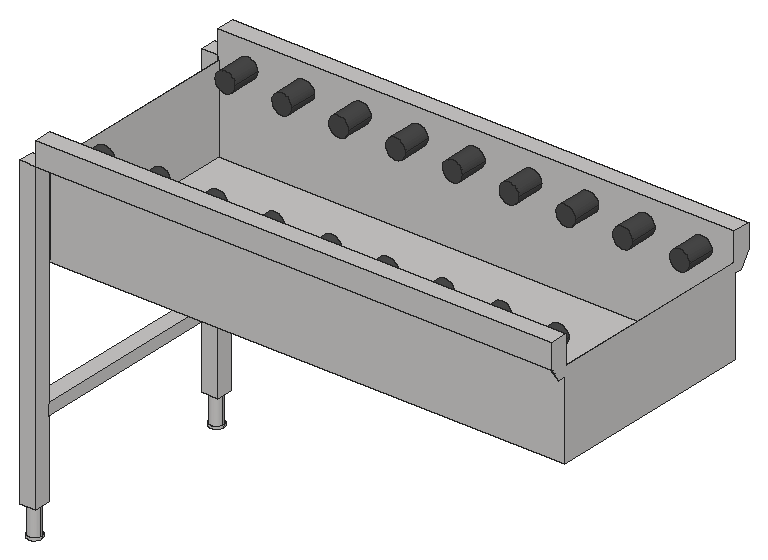
Revit family "QF_ELECTROLUXPROFESSIONAL_863068_HSSRDB13", category Specialty Equipment, Revit 2018
Family settings
  Round Connector Dimension = Use Diameter
  Part Type = Normal
  Work Plane-Based = No
  Always vertical = Yes
  Cut with Voids When Loaded = No
  Shared = No
  Room Calculation Point = No
Parameters
  Weight = 0.00 kg
  Watts = 0 W
  Volts = 0 V
  URL Manufacturer = "http://professional.electrolux.com/"
  URL = "http://professional.electrolux.com/"
  Steam Supply Size = 0 mm
  Steam Supply Minimum Pressure = 0.0 Pa
  Steam Supply Maximum Pressure = 0.0 Pa
  Steam Pounds per Hour = 0
  Refrigeration Suction Line Size = 0 mm
  Refrigeration Liquid Line Size = 0 mm
  Refrigerant Compressor Remote = yes
  Manufacturer = "Electrolux"
  Phase = 0
  Model = "HSSRDB13"
  Length Actual = 1300 mm  # constant formula
  Item Number = "863068"
  Hot Water Size = 0 mm
  Height Actual = 910 mm  # constant formula
  HP = "0 HP"
  Gas Size = 0 mm
  Gas KW = 0
  Gas Input Pressure = 0 W
  Description = "SHORT ROLLER CONVEYOR WITH DEEP BASIN,  L=1300 MM"
  Depth Actual = 620 mm  # constant formula
  Cycle = 0 Hz
  Condensate Return Size = 0 mm
  Compressed Air Volume = 0.0 L/s
  Compressed Air Size = 0 mm
  Compressed Air Pressure = 0.0 Pa
  Cold Water Size = 0 mm
  Accessory = yes
Reference planes
  plane 1 "Centro (Fronte/Retro)": y = 74.737
  plane 2: z = 0
  plane 3 "LEFT": x = -1038.761
  plane 4 "BACK": y = 384.737
  plane 5 "FRONT": y = -235.263
  plane 6: z = 910
  plane 7 "RIGHT": x = 261.239
  plane 8: x = -388.761
Forms (mm)
  Extrusion 1, solid, material "QF_Finishes_Stainless Steel"
    sketch origin (0, 74.737, 0) x (1, 0, 0) y (0, 0, 1)
      loop
        line (-1079.929, 300) -> (-1079.929, 270) -> (-1039.929, 270) -> (-1039.929, 300) -> (-1079.929, 300)
    from -266.504 to 266.46
  Extrusion 2, solid, material "QF_Finishes_Stainless Steel"
    sketch origin (11.239, 0, 0) x (0, 1, 0) y (0, 0, 1)
      loop
        line (-235.263, 910) -> (-235.263, 850.033) -> (-190.242, 850.033) -> (-190.242, 910) -> (-235.263, 910)
      loop
        line (384.737, 910) -> (339.716, 910) -> (339.716, 850.033) -> (384.737, 850.033) -> (384.737, 910)
    from -1048.8 to 248.8
  Extrusion 3, solid, material "QF_Finishes_Stainless Steel"
    sketch origin (11.239, 0, 0) x (0, 1, 0) y (0, 0, 1)
      loop
        line (-191.727, 850.033) -> (-191.727, 618.033) -> (341.245, 618.033) -> (341.245, 850.033) -> (339.716, 850.033) -> (339.716, 621.033) -> (-190.242, 621.033) -> (-190.242, 850.033) -> (-191.727, 850.033)
    from -1048.8 to 248.8
  Extrusion 4, solid, material "QF_Finishes_Stainless Steel"
    sketch origin (1561.239, 723.253, 4000) x (0, 1, 0) y (0, 0, 1)
      loop
        line (-958.516, -3090) -> (-958.516, -3149.967) -> (-934.752, -3185.632) -> (-914.981, -3185.632) -> (-914.981, -3381.967) -> (-382.009, -3381.967) -> (-382.009, -3185.632) -> (-362.281, -3185.632) -> (-338.516, -3149.967) -> (-338.516, -3090) -> (-383.538, -3090) -> (-383.538, -3161.926) -> (-913.495, -3161.926) -> (-913.495, -3090) -> (-958.516, -3090)
    from -1300 to -1301.2
  Revolve 5, solid, material "QF_Finishes_Stainless Steel"
    sketch origin (-388.761, 0, 0) x (0, 1, 0) y (0, 0, 1)
      loop
        line (74.737, 618.033) -> (-1.756, 618.033) -> (-1.756, 601.823) -> (0.354, 601.823)
        arc (0.354, 601.823) -> (3.64, 597.973) -> (0.351, 594.125) r 3.897
        line (0.351, 594.125) -> (-1.756, 594.125) -> (-1.756, 551.31)
        arc (-1.756, 551.31) -> (8.91, 520.632) -> (36.296, 503.17) r 49.497
        line (36.296, 503.17) -> (36.296, 500.684) -> (37.487, 497.398) -> (51.25, 491.407) -> (51.25, 455.535) -> (52.727, 454.059) -> (74.737, 454.059) -> (74.737, 618.033)
      axis (74.737, 454.059) -> (74.737, 618.033)
    angle from 0 to 360
  Extrusion 6, solid, material "QF_Finishes_Stainless Steel"
    sketch origin (-537.561, 723.253, 4000) x (0, 1, 0) y (0, 0, 1)
      loop
        line (-958.516, -3090) -> (-958.516, -3149.967) -> (-914.981, -3149.967) -> (-914.981, -3381.967) -> (-382.009, -3381.967) -> (-382.009, -3149.967) -> (-338.516, -3149.967) -> (-338.516, -3090) -> (-383.538, -3090) -> (-383.538, -3161.926) -> (-913.495, -3161.926) -> (-913.495, -3090) -> (-958.516, -3090)
    from -500 to -501.2
  Extrusion 7, solid, material "QF_Finishes_Black"
    sketch origin (0, 74.737, 0) x (1, 0, 0) y (0, 0, 1)
      loop
        circle (-961.28, 850.115) r 25
      loop
        circle (-818.15, 850.115) r 25
      loop
        circle (-102.501, 850.115) r 25
      loop
        circle (40.628, 850.115) r 25
      loop
        circle (183.758, 850.115) r 25
      loop
        circle (-245.631, 850.115) r 25
      loop
        circle (-675.021, 850.115) r 25
      loop
        circle (-388.761, 850.115) r 25
      loop
        circle (-531.891, 850.115) r 25
    from 190.58 to 260.534
  Extrusion 8, solid, material "QF_Finishes_Black"
    sketch origin (0, 74.737, 0) x (1, 0, 0) y (0, 0, -1)
      loop
        circle (-961.28, -850.115) r 25
      loop
        circle (-818.15, -850.115) r 25
      loop
        circle (-102.501, -850.115) r 25
      loop
        circle (40.628, -850.115) r 25
      loop
        circle (183.758, -850.115) r 25
      loop
        circle (-245.631, -850.115) r 25
      loop
        circle (-675.021, -850.115) r 25
      loop
        circle (-388.761, -850.115) r 25
      loop
        circle (-531.891, -850.115) r 25
    from 190.58 to 260.534
Cuts and joins
  joined: Extrusion 2, Extrusion 3, Extrusion 4, Revolve 5, Extrusion 6
Lines and regions (mm)
  Split face 1
    outline origin (658.239, 339.716, 621.033) x (-1, 0, 0) y (0, -1, 0)
      loop
        circle (1047, 264.904) r 3.016
  Split face 2
    outline origin (658.239, 339.716, 621.033) x (-1, 0, 0) y (0, -1, 0)
      loop
        circle (1047, 264.904) r 52.991
  Split face 3
    outline origin (658.239, 339.716, 621.033) x (-1, 0, 0) y (0, -1, 0)
      loop
        circle (1047, 264.904) r 36.015
  Split face 4
    outline origin (658.239, 339.716, 621.033) x (-1, 0, 0) y (0, -1, 0)
      loop
        circle (1047, 264.904) r 26.027
  Split face 5
    outline origin (658.239, 339.716, 621.033) x (-1, 0, 0) y (0, -1, 0)
      loop
        circle (1047, 264.904) r 9.056
  Masking region 1
    outline origin (0, 0, 0) x (1, 0, 0) y (0, 1, 0)
      loop
        line (-1038.761, 384.737) -> (-1038.761, -235.263) -> (261.239, -235.263) -> (261.239, 384.737) -> (-1038.761, 384.737)
  symbolic lines
    curve 1: line (261.239, 384.737, 0) -> (-1038.761, 384.737, 0)
    curve 2: line (-1038.761, 384.737, 0) -> (-1038.761, -235.263, 0)
    curve 3: line (-1038.761, 339.716, 0) -> (261.239, 339.716, 0)
    curve 4: line (-1038.761, -235.263, 0) -> (261.239, -235.263, 0)
    curve 5: line (261.239, -235.263, 0) -> (261.239, 384.737, 0)
    curve 6: line (261.239, -190.242, 0) -> (-1038.761, -190.242, 0)
    curve 7: line (-936.28, -185.797, 0) -> (-986.28, -185.797, 0)
    curve 8: line (-986.28, -185.797, 0) -> (-986.28, -115.842, 0)
    curve 9: line (-986.28, -115.842, 0) -> (-936.28, -115.842, 0)
    curve 10: line (-936.28, -115.842, 0) -> (-936.28, -185.797, 0)
    curve 11: line (-793.15, -185.797, 0) -> (-843.15, -185.797, 0)
    curve 12: line (-843.15, -185.797, 0) -> (-843.15, -115.842, 0)
    curve 13: line (-843.15, -115.842, 0) -> (-793.15, -115.842, 0)
    curve 14: line (-793.15, -115.842, 0) -> (-793.15, -185.797, 0)
    curve 15: line (-650.021, -185.797, 0) -> (-700.021, -185.797, 0)
    curve 16: line (-700.021, -185.797, 0) -> (-700.021, -115.842, 0)
    curve 17: line (-700.021, -115.842, 0) -> (-650.021, -115.842, 0)
    curve 18: line (-650.021, -115.842, 0) -> (-650.021, -185.797, 0)
    curve 19: line (-220.631, -185.797, 0) -> (-270.631, -185.797, 0)
    curve 20: line (-270.631, -185.797, 0) -> (-270.631, -115.842, 0)
    curve 21: line (-270.631, -115.842, 0) -> (-220.631, -115.842, 0)
    curve 22: line (-220.631, -115.842, 0) -> (-220.631, -185.797, 0)
    curve 23: line (261.239, 74.737, 0) -> (231.239, 74.737, 0)
    curve 24: line (-1038.761, 74.737, 0) -> (-1008.761, 74.737, 0)
    curve 25: arc (-388.761, 151.231, 0) -> (-312.267, 74.737, 0) -> (-388.761, -1.756, 0) r 76.494
    curve 26: arc (-388.761, -1.756, 0) -> (-465.254, 74.737, 0) -> (-388.761, 151.231, 0) r 76.494
    curve 27: arc (-388.761, 96.747, 0) -> (-410.771, 74.737, 0) -> (-388.761, 52.727, 0) r 22.01
    curve 28: arc (-388.761, 52.727, 0) -> (-366.751, 74.737, 0) -> (-388.761, 96.747, 0) r 22.01
    curve 29: line (-77.501, -185.797, 0) -> (-127.501, -185.797, 0)
    curve 30: line (-127.501, -185.797, 0) -> (-127.501, -115.842, 0)
    curve 31: line (-127.501, -115.842, 0) -> (-77.501, -115.842, 0)
    curve 32: line (-77.501, -115.842, 0) -> (-77.501, -185.797, 0)
    curve 33: line (65.628, -185.797, 0) -> (15.628, -185.797, 0)
    curve 34: line (15.628, -185.797, 0) -> (15.628, -115.842, 0)
    curve 35: line (15.628, -115.842, 0) -> (65.628, -115.842, 0)
    curve 36: line (65.628, -115.842, 0) -> (65.628, -185.797, 0)
    curve 37: line (208.758, -185.797, 0) -> (158.758, -185.797, 0)
    curve 38: line (158.758, -185.797, 0) -> (158.758, -115.842, 0)
    curve 39: line (158.758, -115.842, 0) -> (208.758, -115.842, 0)
    curve 40: line (208.758, -115.842, 0) -> (208.758, -185.797, 0)
    curve 41: line (-506.891, -185.797, 0) -> (-556.891, -185.797, 0)
    curve 42: line (-556.891, -185.797, 0) -> (-556.891, -115.842, 0)
    curve 43: line (-556.891, -115.842, 0) -> (-506.891, -115.842, 0)
    curve 44: line (-506.891, -115.842, 0) -> (-506.891, -185.797, 0)
    curve 45: line (-363.761, -185.797, 0) -> (-413.761, -185.797, 0)
    curve 46: line (-413.761, -185.797, 0) -> (-413.761, -115.842, 0)
    curve 47: line (-413.761, -115.842, 0) -> (-363.761, -115.842, 0)
    curve 48: line (-363.761, -115.842, 0) -> (-363.761, -185.797, 0)
    curve 49: line (-936.28, 335.271, 0) -> (-986.28, 335.271, 0)
    curve 50: line (-986.28, 335.271, 0) -> (-986.28, 265.317, 0)
    curve 51: line (-986.28, 265.317, 0) -> (-936.28, 265.317, 0)
    curve 52: line (-936.28, 265.317, 0) -> (-936.28, 335.271, 0)
    curve 53: line (-793.15, 335.271, 0) -> (-843.15, 335.271, 0)
    curve 54: line (-843.15, 335.271, 0) -> (-843.15, 265.317, 0)
    curve 55: line (-843.15, 265.317, 0) -> (-793.15, 265.317, 0)
    curve 56: line (-793.15, 265.317, 0) -> (-793.15, 335.271, 0)
    curve 57: line (-650.021, 335.271, 0) -> (-700.021, 335.271, 0)
    curve 58: line (-700.021, 335.271, 0) -> (-700.021, 265.317, 0)
    curve 59: line (-700.021, 265.317, 0) -> (-650.021, 265.317, 0)
    curve 60: line (-650.021, 265.317, 0) -> (-650.021, 335.271, 0)
    curve 61: line (-220.631, 335.271, 0) -> (-270.631, 335.271, 0)
    curve 62: line (-270.631, 335.271, 0) -> (-270.631, 265.317, 0)
    curve 63: line (-270.631, 265.317, 0) -> (-220.631, 265.317, 0)
    curve 64: line (-220.631, 265.317, 0) -> (-220.631, 335.271, 0)
    curve 65: line (-77.501, 335.271, 0) -> (-127.501, 335.271, 0)
    curve 66: line (-127.501, 335.271, 0) -> (-127.501, 265.317, 0)
    curve 67: line (-127.501, 265.317, 0) -> (-77.501, 265.317, 0)
    curve 68: line (-77.501, 265.317, 0) -> (-77.501, 335.271, 0)
    curve 69: line (65.628, 335.271, 0) -> (15.628, 335.271, 0)
    curve 70: line (15.628, 335.271, 0) -> (15.628, 265.317, 0)
    curve 71: line (15.628, 265.317, 0) -> (65.628, 265.317, 0)
    curve 72: line (65.628, 265.317, 0) -> (65.628, 335.271, 0)
    curve 73: line (208.758, 335.271, 0) -> (158.758, 335.271, 0)
    curve 74: line (158.758, 335.271, 0) -> (158.758, 265.317, 0)
    curve 75: line (158.758, 265.317, 0) -> (208.758, 265.317, 0)
    curve 76: line (208.758, 265.317, 0) -> (208.758, 335.271, 0)
    curve 77: line (-506.891, 335.271, 0) -> (-556.891, 335.271, 0)
    curve 78: line (-556.891, 335.271, 0) -> (-556.891, 265.317, 0)
    curve 79: line (-556.891, 265.317, 0) -> (-506.891, 265.317, 0)
    curve 80: line (-506.891, 265.317, 0) -> (-506.891, 335.271, 0)
    curve 81: line (-363.761, 335.271, 0) -> (-413.761, 335.271, 0)
    curve 82: line (-413.761, 335.271, 0) -> (-413.761, 265.317, 0)
    curve 83: line (-413.761, 265.317, 0) -> (-363.761, 265.317, 0)
    curve 84: line (-363.761, 265.317, 0) -> (-363.761, 335.271, 0)
Dimensions and locks
  plane 3 "LEFT" to plane 7 "RIGHT" = 1300 mm
  equal spacing: plane 4 "BACK", plane 1 "Centro (Fronte/Retro)", plane 5 "FRONT"
  plane 4 "BACK" to plane 5 "FRONT" = 620 mm
  equal spacing: plane 3 "LEFT", plane 8, plane 7 "RIGHT"
  locked: Extrusion 7 sketch curve to plane 3 "LEFT" at 77.481
  locked: plane 7 "RIGHT" to Extrusion 7 sketch curve at 77.481
  equal spacing: Extrusion 7 sketch curve, Extrusion 7 sketch curve, Extrusion 7 sketch curve, Extrusion 7 sketch curve, Extrusion 7 sketch curve, Extrusion 7 sketch curve, Extrusion 7 sketch curve, Extrusion 7 sketch curve, Extrusion 7 sketch curve
  equal spacing: Extrusion 8 sketch curve, Extrusion 8 sketch curve, Extrusion 8 sketch curve, Extrusion 8 sketch curve, Extrusion 8 sketch curve, Extrusion 8 sketch curve, Extrusion 8 sketch curve, Extrusion 8 sketch curve, Extrusion 8 sketch curve
  aligned and locked: level to plane 2
  aligned and locked: plane 8 to cut or joined group of Extrusion 2, Extrusion 3, Extrusion 4, Revolve 5, Extrusion 6
Automatic sketch dimensions
  curve 25 to curve 26 = 0 mm  (x2)
  curve 25 to curve 27 = 0 mm  (x2)
  curve 25 to curve 28 = 0 mm  (x2)
  curve 26 to curve 27 = 0 mm  (x2)
  curve 26 to curve 28 = 0 mm  (x2)
  curve 27 to curve 28 = 0 mm  (x2)
  plane 1 "Centro (Fronte/Retro)" to curve 24 = 0 mm
  curve 24 to plane 3 "LEFT" = 0 mm
  curve 28 to plane 8 = 0 mm
  plane 1 "Centro (Fronte/Retro)" to curve 23 = 0 mm
  curve 6 to plane 7 "RIGHT" = 0 mm
  curve 4 to plane 5 "FRONT" = 0 mm
  plane 1 "Centro (Fronte/Retro)" to curve 25 = 0 mm
  curve 2 to plane 4 "BACK" = 0 mm
  plane 3 "LEFT" to curve 50 = 52.481 mm
  plane 3 "LEFT" to curve 9 = 52.481 mm
  curve 7 to curve 7 = 50 mm
  curve 50 to curve 51 = 50 mm
  curve 51 to curve 55 = 93.13 mm
  curve 7 to curve 12 = 93.13 mm
  curve 54 to curve 55 = 50 mm
  curve 11 to curve 11 = 50 mm
  curve 53 to curve 58 = 93.13 mm
  curve 11 to curve 15 = 93.13 mm
  curve 58 to curve 60 = 50 mm
  curve 15 to curve 15 = 50 mm
  curve 17 to curve 42 = 93.13 mm
  curve 59 to curve 79 = 93.13 mm
  curve 41 to curve 41 = 50 mm
  curve 78 to curve 79 = 50 mm
  plane 8 to curve 81 = 25 mm
  plane 8 to curve 46 = 25 mm
  curve 81 to plane 8 = 25 mm
  curve 45 to plane 8 = 25 mm
  curve 45 to curve 20 = 93.13 mm
  curve 83 to curve 62 = 93.13 mm
  curve 20 to curve 22 = 50 mm
  curve 61 to curve 64 = 50 mm
  curve 61 to curve 65 = 93.13 mm
  curve 21 to curve 31 = 93.13 mm
  curve 29 to curve 29 = 50 mm
  curve 65 to curve 65 = 50 mm
  curve 31 to curve 35 = 93.13 mm
  curve 67 to curve 71 = 93.13 mm
  curve 69 to curve 69 = 50 mm
  curve 33 to curve 36 = 50 mm
  curve 35 to curve 39 = 93.13 mm
  curve 69 to curve 73 = 93.13 mm
  curve 73 to curve 76 = 50 mm
  curve 37 to curve 40 = 50 mm
  plane 5 "FRONT" to curve 36 = 49.466 mm
  plane 5 "FRONT" to curve 37 = 49.466 mm
  plane 5 "FRONT" to curve 48 = 49.466 mm
  plane 5 "FRONT" to curve 42 = 49.466 mm
  plane 5 "FRONT" to curve 7 = 49.466 mm
  plane 5 "FRONT" to curve 32 = 49.466 mm
  plane 5 "FRONT" to curve 11 = 49.466 mm
  plane 5 "FRONT" to curve 15 = 49.466 mm
  plane 5 "FRONT" to curve 19 = 49.466 mm
  curve 19 to curve 22 = 69.954 mm
  curve 15 to curve 18 = 69.954 mm
  curve 41 to curve 44 = 69.954 mm
  curve 11 to curve 14 = 69.954 mm
  curve 37 to curve 40 = 69.954 mm
  curve 7 to curve 10 = 69.954 mm
  curve 29 to curve 30 = 69.954 mm
  curve 45 to curve 46 = 69.954 mm
  curve 33 to curve 34 = 69.954 mm
  curve 79 to plane 4 "BACK" = 119.42 mm
  curve 79 to curve 82 = 0 mm
  curve 76 to plane 4 "BACK" = 119.42 mm
  curve 50 to plane 4 "BACK" = 119.42 mm
  curve 72 to curve 74 = 0 mm
  curve 51 to curve 54 = 0 mm
  curve 68 to curve 70 = 0 mm
  curve 55 to curve 58 = 0 mm
  curve 64 to curve 66 = 0 mm
  curve 61 to plane 4 "BACK" = 49.466 mm
  curve 65 to plane 4 "BACK" = 49.466 mm
  curve 60 to plane 4 "BACK" = 49.466 mm
  curve 69 to plane 4 "BACK" = 49.466 mm
  curve 56 to plane 4 "BACK" = 49.466 mm
  curve 73 to plane 4 "BACK" = 49.466 mm
  curve 52 to plane 4 "BACK" = 49.466 mm
  curve 77 to plane 4 "BACK" = 49.466 mm
  curve 82 to plane 4 "BACK" = 49.466 mm
  plane 3 "LEFT" to curve 24 = 30 mm
  curve 23 to plane 7 "RIGHT" = 30 mm
  curve 4 to curve 6 = 45.021 mm
  curve 26 to curve 25 = 76.494 mm
  curve 27 to curve 25 = 22.01 mm
  curve 3 to curve 1 = 45.021 mm
  Extrusion 1 sketch curve to plane 3 "LEFT" = 41.168 mm
  Extrusion 1 sketch curve to plane 3 "LEFT" = 1.168 mm
  level to Extrusion 1 sketch curve = 270 mm
  Extrusion 1 sketch curve to Extrusion 1 sketch curve = 30 mm
  Extrusion 2 sketch curve to plane 5 "FRONT" = 0 mm
  Extrusion 2 sketch curve to plane 6 = 0 mm  (x2)
  Extrusion 2 sketch curve to plane 4 "BACK" = 0 mm
  plane 5 "FRONT" to Extrusion 2 sketch curve = 45.021 mm
  Extrusion 2 sketch curve to plane 4 "BACK" = 45.021 mm
  Extrusion 2 sketch curve to Extrusion 2 sketch curve = 59.967 mm  (x2)
  plane 5 "FRONT" to Extrusion 3 sketch curve = 43.536 mm
  Extrusion 3 sketch curve to Extrusion 3 sketch curve = 1.486 mm
  Extrusion 3 sketch curve to plane 4 "BACK" = 45.021 mm
  Extrusion 3 sketch curve to Extrusion 3 sketch curve = 1.529 mm
  Extrusion 3 sketch curve to plane 6 = 291.967 mm
  Extrusion 3 sketch curve to Extrusion 3 sketch curve = 3 mm
  Extrusion 3 sketch curve to plane 6 = 59.967 mm  (x2)
  Extrusion 4 sketch curve to plane 5 "FRONT" = 0 mm
  Extrusion 4 sketch curve to plane 6 = 0 mm  (x2)
  Extrusion 4 sketch curve to plane 4 "BACK" = 0 mm
  plane 5 "FRONT" to Extrusion 4 sketch curve = 23.764 mm
  plane 5 "FRONT" to Extrusion 4 sketch curve = 43.536 mm
  plane 5 "FRONT" to Extrusion 4 sketch curve = 45.021 mm
  Extrusion 4 sketch curve to plane 4 "BACK" = 45.021 mm
  Extrusion 4 sketch curve to plane 4 "BACK" = 43.492 mm
  Extrusion 4 sketch curve to Extrusion 4 sketch curve = 19.728 mm
  Extrusion 4 sketch curve to Extrusion 4 sketch curve = 59.967 mm  (x2)
  Extrusion 4 sketch curve to Extrusion 4 sketch curve = 11.959 mm
  Extrusion 4 sketch curve to Extrusion 4 sketch curve = 23.706 mm  (x2)
  Extrusion 4 sketch curve to Extrusion 4 sketch curve = 196.335 mm
  Revolve 5 sketch curve to plane 1 "Centro (Fronte/Retro)" = 0 mm  (x2)
  plane 1 "Centro (Fronte/Retro)" to Revolve 5 sketch curve = 22.01 mm
  plane 1 "Centro (Fronte/Retro)" to Revolve 5 sketch curve = 23.487 mm
  plane 1 "Centro (Fronte/Retro)" to Revolve 5 sketch curve = 26.996 mm
  Revolve 5 sketch curve to Revolve 5 sketch curve = 13.764 mm
  Revolve 5 sketch curve to Revolve 5 sketch curve = 1.191 mm
  Revolve 5 sketch curve to Revolve 5 sketch curve = 47.387 mm
  Revolve 5 sketch curve to Revolve 5 sketch curve = 0.003 mm
  Revolve 5 sketch curve to Revolve 5 sketch curve = 0.608 mm
  Revolve 5 sketch curve to Revolve 5 sketch curve = 2.107 mm
  Revolve 5 sketch curve to Revolve 5 sketch curve = 2.11 mm
  level to Revolve 5 sketch curve = 454.059 mm
  Revolve 5 sketch curve to Revolve 5 sketch curve = 1.476 mm
  Revolve 5 sketch curve to Revolve 5 sketch curve = 35.872 mm
  Revolve 5 sketch curve to Revolve 5 sketch curve = 5.991 mm
  Revolve 5 sketch curve to Revolve 5 sketch curve = 3.286 mm
  Revolve 5 sketch curve to Revolve 5 sketch curve = 2.486 mm
  Revolve 5 sketch curve to Revolve 5 sketch curve = 48.139 mm
  Revolve 5 sketch curve to Revolve 5 sketch curve = 42.815 mm
  Revolve 5 sketch curve to Revolve 5 sketch curve = 3.849 mm
  Revolve 5 sketch curve to Revolve 5 sketch curve = 66.706 mm
  Revolve 5 sketch curve to Revolve 5 sketch curve = 3 mm
  Revolve 5 sketch curve to Revolve 5 sketch curve = 14.991 mm
  cut or joined group of Extrusion 2, Extrusion 3, Extrusion 4, Revolve 5, Extrusion 6 to Split face 1 sketch curve = 264.904 mm
  cut or joined group of Extrusion 2, Extrusion 3, Extrusion 4, Revolve 5, Extrusion 6 to Split face 1 sketch curve = 648.8 mm
  cut or joined group of Extrusion 2, Extrusion 3, Extrusion 4, Revolve 5, Extrusion 6 to Split face 2 sketch curve = 264.904 mm
  cut or joined group of Extrusion 2, Extrusion 3, Extrusion 4, Revolve 5, Extrusion 6 to Split face 2 sketch curve = 648.8 mm
  cut or joined group of Extrusion 2, Extrusion 3, Extrusion 4, Revolve 5, Extrusion 6 to Split face 3 sketch curve = 264.904 mm
  cut or joined group of Extrusion 2, Extrusion 3, Extrusion 4, Revolve 5, Extrusion 6 to Split face 3 sketch curve = 648.8 mm
  cut or joined group of Extrusion 2, Extrusion 3, Extrusion 4, Revolve 5, Extrusion 6 to Split face 4 sketch curve = 264.904 mm
  cut or joined group of Extrusion 2, Extrusion 3, Extrusion 4, Revolve 5, Extrusion 6 to Split face 4 sketch curve = 648.8 mm
  cut or joined group of Extrusion 2, Extrusion 3, Extrusion 4, Revolve 5, Extrusion 6 to Split face 5 sketch curve = 264.904 mm
  cut or joined group of Extrusion 2, Extrusion 3, Extrusion 4, Revolve 5, Extrusion 6 to Split face 5 sketch curve = 648.8 mm
  Masking region 1 sketch curve to plane 3 "LEFT" = 0 mm
  Masking region 1 sketch curve to plane 5 "FRONT" = 0 mm
  Masking region 1 sketch curve to plane 7 "RIGHT" = 0 mm
  Masking region 1 sketch curve to plane 4 "BACK" = 0 mm
  Extrusion 6 sketch curve to plane 5 "FRONT" = 0 mm
  Extrusion 6 sketch curve to plane 6 = 0 mm  (x2)
  Extrusion 6 sketch curve to plane 4 "BACK" = 0 mm
  plane 5 "FRONT" to Extrusion 6 sketch curve = 43.536 mm
  plane 5 "FRONT" to Extrusion 6 sketch curve = 45.021 mm
  Extrusion 6 sketch curve to plane 4 "BACK" = 45.021 mm
  Extrusion 6 sketch curve to plane 4 "BACK" = 43.492 mm
  Extrusion 6 sketch curve to Extrusion 6 sketch curve = 59.967 mm  (x2)
  Extrusion 6 sketch curve to Extrusion 6 sketch curve = 11.959 mm
  Extrusion 6 sketch curve to Extrusion 6 sketch curve = 220.041 mm
  Extrusion 7 sketch curve to plane 6 = 59.885 mm  (x9)
  plane 3 "LEFT" to Extrusion 8 sketch curve = 77.481 mm
  Extrusion 8 sketch curve to plane 6 = 59.885 mm  (x9)
  Extrusion 8 sketch curve to Extrusion 8 sketch curve = 143.13 mm
  radius of Split face 1 sketch curve = 3.016 mm
  radius of Split face 2 sketch curve = 52.991 mm
  radius of Split face 3 sketch curve = 36.015 mm
  radius of Split face 4 sketch curve = 26.027 mm
  radius of Split face 5 sketch curve = 9.056 mm
  radius of Extrusion 7 sketch curve = 25 mm  (x9)
  radius of Extrusion 8 sketch curve = 25 mm  (x9)
Nested families
  nested 1: "Foot_40x40" at (-1059.929, 361.245, 0), type "Foot_40x40"
    with A 850.033 mm
  nested 2: "Foot_40x40" at (-1059.929, -211.771, 0), type "Foot_40x40"
    with A 850.033 mm
Connectors
  piping at (-388.761, 74.737, 454.059), diameter 30
    settings: on cut or joined group of Extrusion 2, Extrusion 3, Extrusion 4, Revolve 5, Extrusion 6, index 1, connector inside diameter 609.6 mm, connector length 0 mm, flow factor 0, pipe flow 0.0 L/s, pressure drop 0.0 Pa, fitting loss kfactor 0, connector angle 0.00°, fixture units 0, engagement length 0 mm, angle of deflection 0.00°, flow configuration 1, flow direction 2, fitting loss method 0, system type 16, joint type 0, gender type 0, connector reference index -1, connector utility 0, adjustable connector no, is connector primary yes, connector description "Drain"
Definition of nested family "Foot_40x40"
  Parameters
    A [instance] = 850 mm
  Reference planes
    plane 1 "Centro (Fronte/Retro)": y = 0
    plane 2: z = 0
    plane 3 "Centro (Sinistra/Destra)": x = 0
    plane 4: z = 850
  Forms (mm)
    Extrusion 1, solid
      sketch origin (0, 0, 0) x (1, 0, 0) y (0, 1, 0)
        loop
          circle (0, 0) r 18
      from 0 to 5
    Extrusion 2, solid
      sketch origin (0, 0, 5) x (1, 0, 0) y (0, 1, 0)
        loop
          circle (0, 0) r 15
      from 0 to 70
    Extrusion 3, solid
      sketch origin (0, 0, 75) x (1, 0, 0) y (0, 1, 0)
        loop
          line (-20, 20) -> (-20, -20) -> (20, -20) -> (20, 20) -> (-20, 20)
      from 0 to 775
  Dimensions and locks
    "A": plane 4 to plane 2
    aligned and locked: level to plane 2
    aligned and locked: plane 4 to Extrusion 3
    aligned and locked: Extrusion 1 to level
  Automatic sketch dimensions
    plane 1 "Centro (Fronte/Retro)" to Extrusion 1 sketch curve = 0 mm
    Extrusion 1 sketch curve to plane 3 "Centro (Sinistra/Destra)" = 0 mm
    Extrusion 3 sketch curve to Extrusion 3 sketch curve = 40 mm  (x2)
    radius of Extrusion 1 sketch curve = 18 mm
    radius of Extrusion 2 sketch curve to Extrusion 1 = 3 mm
